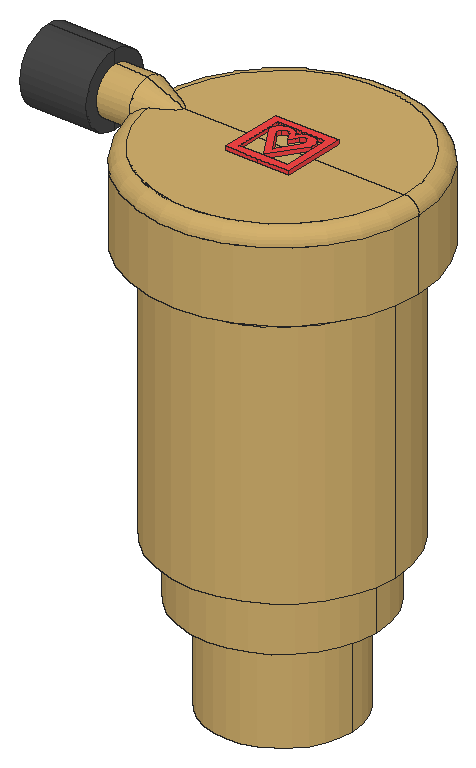
Revit family "Воздухоудалитель с функцией впуска и выпуска воздуха 2630 03", category Rohrzubehör, Revit 2021
Family settings
  Bemaßung runder Anschluss = Durchmesser verwenden
  Teiletyp = Normal
  OmniClass-Nummer = 23.65.55.14
  OmniClass-Titel = Valves for Liquid Services
  Arbeitsebenenbasiert = Nein
  Immer vertikal = Ja
  Beim Laden mit Abzugskörper schneiden = Nein
  Gemeinsam genutzt = Nein
Parameters
  Номер заказа [instance] = if(Nennweite AG = 20.000 mm, 1263003, 0)  # 1263003
  Vorgabe-Ansicht = 0.000 mm
  URL = "www.herz-armaturen.ru"
  Поплавок = "полипропилен"  # constant formula
  SCRNSEQ = "AWI;AWI_TYP=\"1013\";1"
  SCRNCODE = "05;14;01"  # constant formula
  S04 = 11.000 mm  # constant formula
  S03 = 24.500 mm  # constant formula
  S02 = 12.500 mm  # constant formula
  S01 = 59.000 mm  # constant formula
  R01 = 2.000 mm  # constant formula
  Nennweite AG [instance] = 20.000 mm  # constant formula
  Мин. рабочая температура = 0 °C  # constant formula
  Среда = "Качество  теплоносителя в соответствии с ÖNORM H5195 и/или предписаниями VDI-Standard 2035.\nРазрешается использование смеси этилен или пропиленгликоля в соотношении 25-50% с водой. Прокладки EPDM могут быть подвержены воздействию минеральных смазочных масел, что может служить причиной выхода из строя данных уплотнений. Пожалуйста, обратитесь к документации производителя, при использовании этиленгликоля и пропиленгликоля в целях защиты от замерзания."
  Макс. давление на корпусе = 1200000.0 Pa  # constant formula
  Макс. рабочая температура = 110 °C  # constant formula
  Макс. рабочее давление = 800000.0 Pa  # constant formula
  L04 = L00 - L01  # 24.000 mm
  L03 = 13.500 mm  # constant formula
  L02 = 4.800 mm  # constant formula
  L01 = 9.500 mm  # constant formula
  L00 = 33.500 mm  # constant formula
  Hersteller = "Herz-Armaturen GmbH"  # constant formula
  H08 = 8.000 mm  # constant formula
  H07 = 22.000 mm  # constant formula
  H06 = 14.000 mm  # constant formula
  H05 = 59.000 mm - 1.000 mm  # 58.000 mm
  H04 = H03 - D03  # 57.900 mm
  H03 = 63.000 mm  # constant formula
  H02 = 9.500 mm  # constant formula
  H01 = 12.000 mm  # constant formula
  H00 = 71.500 mm  # constant formula
  Корпус = "штампованная латунь в соответствии с EN 12165, CW617N"  # constant formula
  G2 [instance] = Nennweite AG / 2  # 10.000 mm
  G1 = 5.000 mm  # constant formula
  Уплотнение = "NBR"  # constant formula
  Крышка корпуса = "штампованная латунь в соответствии с EN 12165, CW617N"  # constant formula
  D06 = 13.500 mm  # constant formula
  D05 = 0.800 mm  # constant formula
  D04 = 3.400 mm  # constant formula
  D03 = 5.100 mm  # constant formula
  D02 = 19.500 mm  # constant formula
  D01 = 16.200 mm  # constant formula
  Наружная резьба подключения = "в соответствии с ISO 228"  # constant formula
  Область применения = "Воздухоотводчик используется для удаления воздуха в системах отопления и холодоснабжения. Клапаны должны быть размещены рядом с котлом или же в самых высоких точках системы, чтобы обеспечить удаление воздуха из системы."
  Адаптер = "латунь CW617N, EN 12165"  # constant formula
  Колпачок = "полипропилен, цвет черный"  # constant formula
Reference planes
  plane 1 "Mitte (Vorne/hinten)": y = 0
  plane 2: z = 0
  plane 3 "Mitte (Links/rechts)": x = 0
Forms (mm)
  Revolve 1, solid, material "Messing", detail levels fine
    sketch origin (0, 0, 0) x (1, 0, 0) y (0, 0, 1)
      loop
        line (0, -12.5) -> (0, 59) -> (-17.5, 59)
        arc (-17.5, 59) -> (-18.914, 58.414) -> (-19.5, 57) r 2
        line (-19.5, 57) -> (-19.5, 47) -> (-18.2, 47)
        arc (-18.2, 47) -> (-16.786, 46.414) -> (-16.2, 45) r 2
        line (-16.2, 45) -> (-16.2, 9.5) -> (-13.5, 9.5) -> (-13.5, 1.5) -> (-10, 1.5) -> (-10, -12.5) -> (0, -12.5)
      axis (0, 59) -> (0, -12.5)
    angle from 0 to 360
  Revolve 2, solid, material "Kunststoff schwarz", detail levels fine
    sketch origin (0, 0, 0) x (1, 0, 0) y (0, 0, 1)
      loop
        line (-33.5, 57.9) -> (-24, 57.9) -> (-24, 63) -> (-33.5, 63) -> (-33.5, 57.9)
      axis (-33.5, 57.9) -> (-24, 57.9)
    angle from 0 to 360
  Revolve 3, solid, material "Messing", detail levels fine
    sketch origin (0, 0, 0) x (1, 0, 0) y (0, 0, 1)
      loop
        line (-24, 57.9) -> (0, 57.9) -> (0, 58.7) -> (-13.5, 58.7) -> (-19.2, 61.3) -> (-24, 61.3) -> (-24, 57.9)
      axis (-24, 57.9) -> (0, 57.9)
    angle from 0 to 360
Lines and regions (mm)
  model lines
    curve 1: line (0, 19.55, 0) -> (0, 0, 0)
  model lines, detail levels coarse+medium
    curve 2: line (0, 59, 0) -> (-11.455, 47.545, 0)
    curve 3: line (0, 59, 0) -> (11.455, 47.545, 0)
    curve 4: circle (0, 34.5, 0) r 11 normal (0, 0, 1)
    curve 5: line (0, 10, 0) -> (-11.455, 21.455, 0)
    curve 6: line (0, 10, 0) -> (11.455, 21.455, 0)
    curve 7: line (0, 59, 0) -> (0, 45.5, 0)
    curve 8: line (0, 23.5, 0) -> (0, -12.5, 0)
    curve 9: line (0, 0, 59) -> (-11.455, 0, 47.545)
    curve 10: line (0, 0, 59) -> (11.455, 0, 47.545)
    curve 11: circle (0, 0, 34.5) r 11 normal (0, -1, 0)
    curve 12: line (0, 0, 10) -> (-11.455, 0, 21.455)
    curve 13: line (0, 0, 10) -> (11.455, 0, 21.455)
    curve 14: line (0, 0, 59) -> (0, 0, 45.5)
    curve 15: line (0, 0, 23.5) -> (0, 0, -12.5)
    curve 16: line (0, 0, 59) -> (0, -11.455, 47.545)
    curve 17: line (0, 0, 59) -> (0, 11.455, 47.545)
    curve 18: circle (0, 0, 34.5) r 11 normal (1, 0, 0)
    curve 19: line (0, 0, 10) -> (0, -11.455, 21.455)
    curve 20: line (0, 0, 10) -> (0, 11.455, 21.455)
Dimensions and locks
  "D01": Revolve 1 sketch curve to Revolve 1 sketch curve
  "D02": Revolve 1 sketch curve to Revolve 1 sketch curve
  "H01": Revolve 1 sketch curve to Revolve 1 sketch curve
  "D03": Revolve 2 sketch curve to Revolve 2 sketch curve
  "L01": Revolve 2 sketch curve to Revolve 2 sketch curve
  "L00": Revolve 2 sketch curve to plane 3 "Mitte (Links/rechts)"
  "D04": Revolve 3 sketch curve to Revolve 3 sketch curve
  "L02": Revolve 3 sketch curve to Revolve 3 sketch curve
  "L03": Revolve 3 sketch curve to plane 3 "Mitte (Links/rechts)"
  "L04": Revolve 3 sketch curve to plane 3 "Mitte (Links/rechts)"
  "D05": Revolve 3 sketch curve to Revolve 3 sketch curve
  "H03": Revolve 2 sketch curve to plane 2
  "H04": Revolve 3 sketch curve to plane 2
  "H06": Revolve 1 sketch curve to Revolve 1 sketch curve
  "G2": Revolve 1 sketch curve to Revolve 1 sketch curve
  "H08": Revolve 1 sketch curve to Revolve 1 sketch curve
  "H00": Revolve 1 sketch curve to Revolve 1 sketch curve
  "S01": plane 1 "Mitte (Vorne/hinten)" to curve 7
  "S02": curve 8 to plane 1 "Mitte (Vorne/hinten)"
  "S03": curve 7 to curve 4 to curve 6
  "D01": curve 2 to curve 2
  "D01": curve 3 to curve 3
  "D01": curve 5 to curve 5
  "D01": curve 6 to curve 6
  "S01": curve 14 to plane 2
  "S02": plane 2 to curve 15
  "S03": curve 14 to curve 11 to curve 13
  "D01": curve 9 to curve 9
  "D01": curve 10 to curve 10
  "D01": curve 12 to curve 12
  "D01": curve 13 to curve 13
  "S01": curve 17 to plane 2
  "S03": curve 17 to curve 18 to curve 20
  "D01": curve 16 to curve 16
  "D01": curve 17 to curve 17
  "D01": curve 19 to curve 19
  "D01": curve 20 to curve 20
  "R01": radius of Revolve 1 sketch curve  (x2)
  "S04": radius of curve 4
  "S04": radius of curve 11
  "S04": radius of curve 18
  angle curve 2 to curve 7 = 45.00°
  angle curve 7 to curve 3 = 45.00°
  angle curve 8 to curve 5 = 45.00°
  angle curve 6 to curve 8 = 45.00°
  angle curve 9 to curve 14 = 45.00°
  angle curve 14 to curve 10 = 45.00°
  angle curve 15 to curve 12 = 45.00°
  angle curve 13 to curve 15 = 45.00°
  angle curve 16 to plane 1 "Mitte (Vorne/hinten)" = 45.00°
  angle plane 1 "Mitte (Vorne/hinten)" to curve 17 = 45.00°
  angle plane 1 "Mitte (Vorne/hinten)" to curve 19 = 45.00°
  angle curve 20 to plane 1 "Mitte (Vorne/hinten)" = 45.00°
  aligned and locked: level to plane 2
Automatic sketch dimensions
  curve 20 to plane 1 "Mitte (Vorne/hinten)" = 0.000 mm
  curve 18 to plane 1 "Mitte (Vorne/hinten)" = 0.000 mm
  curve 17 to plane 1 "Mitte (Vorne/hinten)" = 0.000 mm
  curve 10 to plane 3 "Mitte (Links/rechts)" = 0.000 mm
  curve 15 to plane 3 "Mitte (Links/rechts)" = 0.000 mm
  curve 11 to plane 3 "Mitte (Links/rechts)" = 0.000 mm
  curve 12 to plane 3 "Mitte (Links/rechts)" = 0.000 mm
  curve 2 to plane 3 "Mitte (Links/rechts)" = 0.000 mm
  plane 1 "Mitte (Vorne/hinten)" to curve 1 = 0.000 mm
  curve 1 to plane 3 "Mitte (Links/rechts)" = 0.000 mm
  curve 8 to plane 3 "Mitte (Links/rechts)" = 0.000 mm
  curve 4 to plane 3 "Mitte (Links/rechts)" = 0.000 mm
  curve 5 to plane 3 "Mitte (Links/rechts)" = 0.000 mm
  curve 1 to curve 8 = 3.950 mm
  Revolve 1 sketch curve to plane 3 "Mitte (Links/rechts)" = 0.000 mm  (x2)
  level to Revolve 1 sketch curve = 1.500 mm
  Revolve 1 sketch curve to Revolve 1 sketch curve = 3.500 mm
  Revolve 1 sketch curve to Revolve 1 sketch curve = 1987.500 mm
  Revolve 1 sketch curve to Revolve 1 sketch curve = 1937.000 mm
  Revolve 2 sketch curve to Revolve 2 sketch curve = 0.000 mm  (x3)
  Revolve 3 sketch curve to plane 3 "Mitte (Links/rechts)" = 0.000 mm
  Revolve 3 sketch curve to Revolve 3 sketch curve = 0.212 mm
  Revolve 3 sketch curve to plane 3 "Mitte (Links/rechts)" = 0.539 mm
  Revolve 3 sketch curve to Revolve 3 sketch curve = 0.000 mm
Nested families
  nested 1: "Herz-Logo" at (0, 0, 58), type "Herz-Logo", detail levels fine
Connectors
  piping at (0, 0, -12.5), diameter 20, driven by "Nennweite AG"
    settings: on Revolve 1, index 1, connector inside diameter 609.6 mm, connector length 0.000 mm, flow factor 0, pipe flow 0.0 L/s, pressure drop 0.0 Pa, fitting loss kfactor 0, connector angle 0.00°, fixture units 0, engagement length 0.000 mm, angle of deflection 0.00°, flow configuration 0, flow direction 1, fitting loss method 0, system type 29, joint type 0, gender type 0, connector reference index -1, connector utility 0, adjustable connector no, is connector primary yes, connector description ""
Definition of nested family "Herz-Logo"
  Parameters (values of type "Herz-Logo")
    Default Elevation = 0.000 mm
  Reference planes
    plane 1 "Mitte (Vorne/hinten)": y = 0
    plane 2: z = 0
    plane 3 "Mitte (Links/rechts)": x = 0
  Forms (mm)
    Extrusion 1, solid
      sketch origin (0, 0, 0) x (1, 0, 0) y (0, 1, 0)
        loop
          line (-0.018, -4.517) -> (4.482, -4.517) -> (4.482, 4.483) -> (-4.518, 4.483) -> (-4.518, -4.517) -> (-0.018, -4.517)
        loop
          line (-0.05, -3.48) -> (3.482, -3.48) -> (3.482, 3.483) -> (-3.518, 3.483) -> (-3.518, -3.48) -> (-0.05, -3.48)
        loop
          arc (-0.018, 2.383) -> (-1.543, 3.287) -> (-3.067, 2.383) r 1.738
          arc (-3.067, 2.383) -> (-3.191, 1.899) -> (-3.067, 1.415) r 1.009
          line (-3.067, 1.415) -> (-0.018, -3.281) -> (3.032, 1.415)
          arc (3.032, 1.415) -> (3.156, 1.899) -> (3.032, 2.383) r 1.009
          arc (3.032, 2.383) -> (1.507, 3.287) -> (-0.018, 2.383) r 1.738
        loop
          arc (1.885, 1.272) -> (2.005, 1.675) -> (1.885, 2.079) r 0.74
          arc (1.885, 2.079) -> (1.265, 2.416) -> (0.644, 2.079) r 0.74
          line (0.644, 2.079) -> (-0.018, 0.97) -> (-0.679, 2.079)
          arc (-0.679, 2.079) -> (-1.3, 2.416) -> (-1.921, 2.079) r 0.74
          arc (-1.921, 2.079) -> (-2.04, 1.675) -> (-1.921, 1.272) r 0.74
          line (-1.921, 1.272) -> (-0.018, -1.658) -> (1.885, 1.272)
      from 0 to 1.5
  Dimensions and locks
    aligned and locked: level to plane 2
